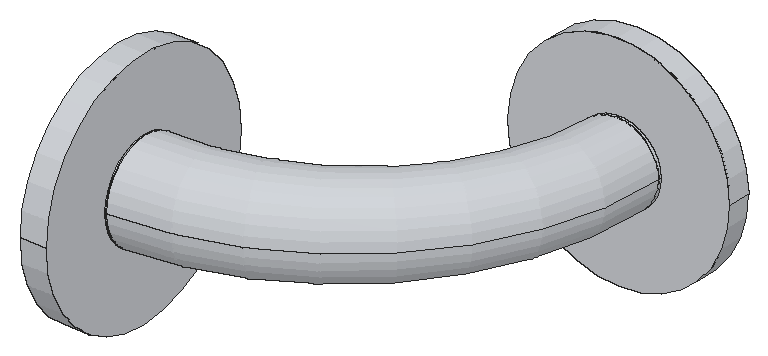
Revit family "b7cd8f2952584e90b1133533957eb16a", category Pipe Fittings, Revit 2021
Family settings
  Round Connector Dimension = Use Radius
  Part Type = Elbow
  OmniClass Number = 23.60.30.11.14
  OmniClass Title = Pipework Fittings
  Seek Item ID = Elbow Reducing Long Radius - Flanged - GI - Class 125-0000-USA-ENU
  Work Plane-Based = No
  Always vertical = Yes
  Cut with Voids When Loaded = No
  Shared = No
Parameters (values of type "Standard")
  Wall Thickness 2 [instance] = size_lookup(Lookup Table Name, "WThk", 0.04 * Nominal Diameter 2 + 5/16", Nominal Diameter 2)  # 0.31102"
  Wall Thickness 1 [instance] = size_lookup(Lookup Table Name, "WThk", 0.04 * Nominal Diameter 1 + 5/16", Nominal Diameter 1)  # 0.31102"
  Tick Size 2 [instance] = Flange Diameter 2 * 0.4  # 1.70079"
  Tick Size 1 [instance] = Flange Diameter 1 * 0.4  # 1.85827"
  Nominal Radius 2 [instance] = 1/2"
  Nominal Diameter 2 [instance] = Nominal Radius 2 * 2  # 1"
  Loss Method = K Coefficient from Table
  Lookup Table Name = "Elbow Reducing Long Radius - Flanged - GI - Class 125"
  Length 8 [instance] = Center to Face - if(Max Nominal Diameter 12 = Nominal Diameter 1, Flange Thickness 1, Flange Thickness 2)  # 5.01181"
  Length 7 [instance] = Length 1 + Length 1 * cos(Angle) + (Flange Thickness 2 + Length 5) * cos(Angle)  # 5.01181"
  Length 6 [instance] = (Flange Thickness 2 + Length 5) * sin(Angle)  # 1/2"
  Length 5 [instance] = if(Max Nominal Diameter 12 = Nominal Diameter 2, 1/32", if(Center to Face - Flange Thickness 2 - Length 1 > 1/32", Center to Face - Flange Thickness 2 - Length 1, 1/32"))  # 0.06299"
  Length 4 [instance] = if(Max Nominal Diameter 12 = Nominal Diameter 1, 1/32", if(Center to Face - Flange Thickness 1 - Length 1 > 1/32", Center to Face - Flange Thickness 1 - Length 1, 1/32"))  # 1/32"
  Length 3 [instance] = Length 1 + Length 1 * cos(Angle)  # 5.01181"
  Length 2 [instance] = Length 1 * sin(Angle)  # 5.01181"
  Max Nominal Diameter 12 [instance] = if(Nominal Diameter 1 > Nominal Diameter 2, Nominal Diameter 1, Nominal Diameter 2)  # 1 1/4"
  Max Insulation Radius 12 [instance] = if(Fitting Outside Radius 1 > Fitting Outside Radius 2, Fitting Outside Radius 1, Fitting Outside Radius 2)  # 0.94094"
  K Coefficient Table = "Long Radius Flanged 45, 90 and 180 Elbow"
  Flange Thickness 2 [instance] = size_lookup(Lookup Table Name, "FThk", 0.05 * Nominal Diameter 2 + 161/256", Nominal Diameter 2)  # 0.43701"
  Flange Radius 2 [instance] = Flange Diameter 2 / 2  # 2.12598"
  Flange Diameter 2 [instance] = size_lookup(Lookup Table Name, "FDia", 1.19 * Nominal Diameter 2 + 3 31/32", Nominal Diameter 2)  # 4.25197"
  Fitting Outside Radius 2 [instance] = Fitting Outside Diameter 2 / 2  # 0.80315"
  Fitting Outside Radius 1 [instance] = Fitting Outside Diameter 1 / 2  # 0.94094"
  Fitting Outside Diameter 2 [instance] = Fitting Inside Diameter 2 + Wall Thickness 2 * 2  # 1.6063"
  Fitting Outside Diameter 1 [instance] = Fitting Inside Diameter 1 + Wall Thickness 1 * 2  # 1.88189"
  Length 1 [instance] = if(Max Insulation Radius 12 * tan(Angle / 2) > Length 8, Max Insulation Radius 12 * tan(Angle / 2) + 1/32", Length 8)  # 5.01181"
  Nominal Radius 1 [instance] = 5/8"
  Nominal Diameter 1 [instance] = Nominal Radius 1 * 2  # 1 1/4"
  Fitting Inside Diameter 2 [instance] = size_lookup(Lookup Table Name, "FID", 1.02 * Nominal Diameter 2 - 11/256", Nominal Diameter 2)  # 0.98425"
  Fitting Inside Diameter 1 [instance] = size_lookup(Lookup Table Name, "FID", 1.02 * Nominal Diameter 1 - 11/256", Nominal Diameter 1)  # 1.25984"
  Default Elevation = 0' - 0"
  Center to Face [instance] = size_lookup(Lookup Table Name, "CtF", 1.27 * Max Nominal Diameter 12 + 3 119/128", Max Nominal Diameter 12)  # 5.51181"
  Center Radius [instance] = Length 1 / tan(Angle / 2)  # 5.01181"
  Flange Thickness 1 [instance] = size_lookup(Lookup Table Name, "FThk", 0.05 * Nominal Diameter 1 + 161/256", Nominal Diameter 1)  # 1/2"
  Flange Radius 1 [instance] = Flange Diameter 1 / 2  # 2.32283"
  Flange Diameter 1 [instance] = size_lookup(Lookup Table Name, "FDia", 1.19 * Nominal Diameter 1 + 3 31/32", Nominal Diameter 1)  # 4.64567"
  Assembly Code = ""
  Angle [instance] = 90.00°
Reference planes (in)
  plane 1 "Center (Front/Back)": y = 0
  plane 2: z = 0
  plane 3 "Center (Left/Right)": x = 0
  plane 4: x = -5.01181
  plane 5: y = 5.01181
  plane 6: x = 0
  plane 7: y = 5.01181
  plane 8: x = -5.04306
  plane 9: x = -5.54306
  plane 10: x = 0
  plane 11: y = 5.51181
Forms (in)
  SweptBlend 1, solid, detail levels fine
    path in 3D
      loop
        arc (-5.01181, 0, 0) -> (-1.46793, 1.46793, 0) -> (0, 5.01181, 0) r 5.01181
    profile origin (-5.01181, 0, 0) x (0, 1, 0) y (0, 0, 1)
      loop
        circle (0, 0) r 0.94094
    end profile origin (0, 5.01181, 0) x (-1, 0, 0) y (0, 0, 1)
      loop
        circle (0, 0) r 0.80315
  Sweep 2, solid, detail levels fine
    path in 3D
      loop
        line (-5.04306, 0, 0) -> (-5.01181, 0, 0)
    profile origin (-5.02744, 0, 0) x (0, 1, 0) y (0, 0, 1)
      loop
        circle (0, 0) r 0.94094
  Sweep 3, solid, detail levels fine
    path in 3D
      loop
        line (0, 5.01181, 0) -> (0, 5.0748, 0)
    profile origin (0, 5.04331, 0) x (-1, 0, 0) y (0, 0, 1)
      loop
        circle (0, 0) r 0.80315
  Sweep 4, solid, detail levels fine
    path in 3D
      loop
        line (-5.04306, 0, 0) -> (-5.54306, 0, 0)
    profile origin (-5.29306, 0, 0) x (0, -1, 0) y (0, 0, 1)
      loop
        circle (0, 0) r 2.32283
  Sweep 5, solid, detail levels fine
    path in 3D
      loop
        line (0, 5.0748, 0) -> (0, 5.51181, 0)
    profile origin (0, 5.29331, 0) x (-1, 0, 0) y (0, 0, 1)
      loop
        circle (0, 0) r 2.12598
Cuts and joins
  joined: Sweep 2, Sweep 4
  joined: Sweep 3, Sweep 5
Lines and regions (in)
  model lines, detail levels coarse+medium
    curve 1: arc (-5.01181, 0, 0) -> (-1.46793, 1.46793, 0) -> (0, 5.01181, 0) r 5.01181
    curve 2: line (-5.04306, 0, 0) -> (-5.01181, 0, 0)
    curve 3: line (-5.04306, 0, 0) -> (-5.54306, 0, 0)
    curve 4: line (0, 5.01181, 0) -> (0, 5.0748, 0)
    curve 5: line (0, 5.0748, 0) -> (0, 5.51181, 0)
    curve 11: line (-5.54306, 0, 0) -> (-5.54306, 1.85827, 0)
    curve 12: line (-5.54306, 0, 0) -> (-5.54306, -1.85827, 0)
    curve 13: line (0, 5.51181, 0) -> (1.70079, 5.51181, 0)
    curve 14: line (0, 5.51181, 0) -> (-1.70079, 5.51181, 0)
  sketch lines
    curve 6: arc (-5.01181, 0, 0) -> (-1.46793, 1.46793, 0) -> (0, 5.01181, 0) r 5.01181
    curve 7: line (-5.04306, 0, 0) -> (-5.01181, 0, 0)
    curve 8: line (0, 5.01181, 0) -> (0, 5.0748, 0)
    curve 9: line (-5.04306, 0, 0) -> (-5.54306, 0, 0)
    curve 10: line (0, 5.0748, 0) -> (0, 5.51181, 0)
Dimensions and locks (in)
  "Length 1": plane 4 to plane 3 "Center (Left/Right)"
  "Center Radius": plane 5 to plane 1 "Center (Front/Back)"
  "Length 3": plane 4 to plane 6
  "Length 2": plane 7 to plane 1 "Center (Front/Back)"
  "Length 4": plane 8 to plane 4
  "Flange Thickness 1": plane 9 to plane 8
  "Length 5": curve 4 to curve 4
  "Flange Thickness 2": curve 5 to curve 5
  "Length 6": plane 11 to plane 7
  "Tick Size 1": curve 11 to curve 11
  "Tick Size 1": curve 12 to curve 12
  "Tick Size 2": curve 13 to curve 13
  "Tick Size 2": curve 14 to curve 14
  "Length 7": plane 4 to plane 10
  "Fitting Outside Radius 1": radius of SweptBlend 1 sketch curve
  "Fitting Outside Radius 2": radius of SweptBlend 1 sketch curve
  "Fitting Outside Radius 1": radius of Sweep 2 sketch curve
  "Fitting Outside Radius 2": radius of Sweep 3 sketch curve
  "Flange Radius 1": radius of Sweep 4 sketch curve
  "Flange Radius 2": radius of Sweep 5 sketch curve
  "Angle": angle curve 1 to curve 1
  "Angle": angle plane 7 to curve 4
  "Angle": angle plane 7 to curve 5
  locked: curve 13 to curve 5 (angle 90.00°)
  locked: curve 5 to curve 14 (angle 90.00°)
  aligned and locked: plane 4 to curve 1
  aligned and locked: plane 1 "Center (Front/Back)" to curve 1
  aligned and locked: plane 1 "Center (Front/Back)" to curve 2
  aligned and locked: plane 8 to curve 3
  aligned and locked: plane 6 to curve 4
  aligned and locked: plane 1 "Center (Front/Back)" to curve 12
  aligned and locked: curve 12 to plane 9
Automatic sketch dimensions
  SweptBlend 1 sketch curve to profile plane = 0' - 0"  (x4)
  Sweep 2 sketch curve to profile plane = 0' - 0"  (x2)
  Sweep 3 sketch curve to profile plane = 0' - 0"  (x2)
  Sweep 4 sketch curve to profile plane = 0' - 0"  (x2)
  Sweep 5 sketch curve to profile plane = 0' - 0"  (x2)
Connectors (in)
  piping at (-5.54306, 0, 0), diameter 1.25, driven by "Nominal Radius 1", driven by "Angle"
    settings: on Sweep 4, index 1, connector inside diameter 1 1/4", connector length 0' - 0", flow factor 0, pipe flow 0 GPM, pressure drop 0.00 psi, fitting loss kfactor 0, connector angle 90.00°, fixture units 0, engagement length 0' - 0", angle of deflection 0.00°, flow configuration 0, flow direction 0, fitting loss method 0, system type 28, joint type 0, gender type 0, connector reference index 2, connector utility 0, adjustable connector no, is connector primary yes, connector description ""
  piping at (0, 5.51181, 0), diameter 1, driven by "Angle", driven by "Nominal Radius 2"
    settings: on Sweep 5, index 2, connector inside diameter 1", connector length 0' - 0", flow factor 0, pipe flow 0 GPM, pressure drop 0.00 psi, fitting loss kfactor 0, connector angle 90.00°, fixture units 0, engagement length 0' - 0", angle of deflection 0.00°, flow configuration 0, flow direction 0, fitting loss method 0, system type 28, joint type 0, gender type 0, connector reference index 1, connector utility 0, adjustable connector no, is connector primary no, connector description ""
